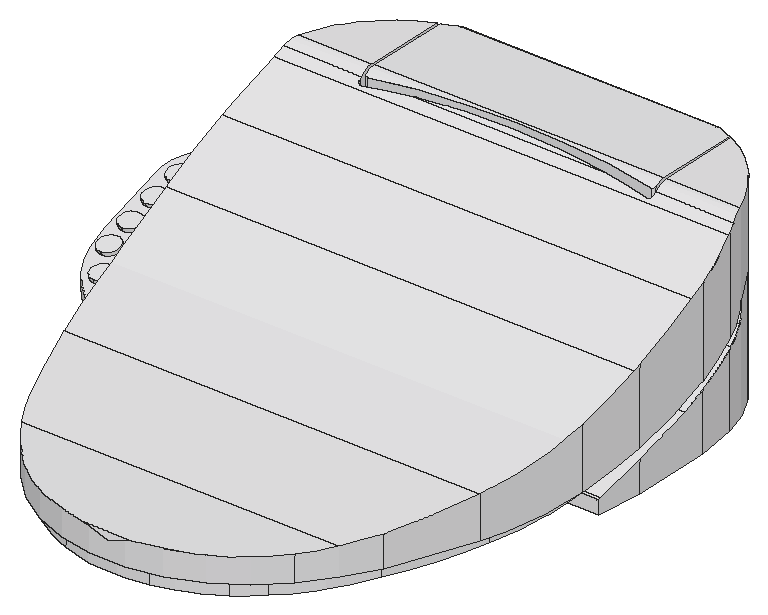
Revit family "Bidet_Seat-Elongated_Closed_Front-Cleansing-KOHLER-C3-330-K-23357T_1", category Plumbing Fixtures, host Face, Revit 2017
Family settings
  Host = Face
  Round Connector Dimension = Use Diameter
  Part Type = Normal
  OmniClass Number = 23.31.19.19.17
  OmniClass Title = Water Closet Seats
  Cut with Voids When Loaded = No
  Shared = No
  Room Calculation Point = No
Parameters (values of type "0-White")
  Width = 17 17/32"  # constant formula
  WaterSense Certified = 1 = 1  # yes
  Waste Water Outlet = "Waste Water Outlet"  # constant formula
  Waste Connection = 1 = 0  # no
  Voltage = 220 V  # constant formula
  Vent Connection = 1 = 0  # no
  URL = "http://www.kohler.com.cn/"
  Type = 1
  Seat Included = 1 = 1  # yes
  Product Page URL = "https://www.kohler.com.cn/product/K-23357T-0/K-23357T-0/"
  Product Name = "C3-330"  # constant formula
  Product Documentation Link = "https://files.kohler.com.cn/pdfs/1559803594104_%E5%B0%BA%E5%AF%B8%E5%9B%BE-C3-300%20%E7%B3%BB%E5%88%97.pdf"
  Pressure = 107.328 psi  # constant formula
  Model = if(Type = 1, "K-23357T-0", if(Type = 2, "K-23357T-HC-0", "NA"))  # "K-23357T-0"
  Material = "Plastic"  # constant formula
  Master Format 2014 Name = "Residential Water Closets"  # constant formula
  Master Format 2014 = "22 41 13.13"  # constant formula
  Manufacturer Address = "Kohler Beijing Office (100016) 36-2-03-B, No. 88, Liuxiang Road, Beijing"  # constant formula
  Manufacturer = "KOHLER Co."  # constant formula
  Length = 20 151/256"  # constant formula
  Hot Water Inlet = "Hot Water Inlet"  # constant formula
  Height = 6 79/256"  # constant formula
  HW Connection = 1 = 0  # no
  Flush Rate- LPF = "LPF"  # constant formula
  Flush Rate- GPF = "GPF"  # constant formula
  Flow Rate = 0 GPM
  Finish = Kohler-Plastic-0-White
  Environmental Product Declaration = ""
  Electrical Note = "One Dedicated Circuit Required "  # constant formula
  Electrical Connector = 1 = 1  # yes
  Description = if(Type = 1, "Qingshubao Smart Toilet Cover", if(Type = 2, "Qingshubao Smart Toilet Cover (Smart Simplified Version)", "NA"))  # "Qingshubao Smart Toilet Cover"
  Default Elevation = 0"
  Declare Label = ""
  Date Modified = "06/29/2021"  # constant formula
  Date Created = "06/29/2021"  # constant formula
  Copyright = "Copyright KOHLER Co."  # constant formula
  Contact Us = "http://www.kohler.com.cn/contact/contact-us/"
  Cold Water Inlet = "Cold Water Inlet"  # constant formula
  CW Connection = 1 = 1  # yes
  Assembly Code = "D2010100"
  Apparent Load = 0 VA
  ADA Compliant = 1 = 0  # no
Reference planes (in)
  plane 1 "Center (Front/Back)": y = 0
  plane 2: z = 0
  plane 3 "Center (Left/Right)": x = 0
  plane 4: through (-7.22853, -3.23407, 48) normal (-0.7547, -0.6561, 0)
  plane 5: x = 7.65748
  plane 6: y = -20.58984
  plane 7: x = -9.87377
  plane 8: x = -7.65748
  plane 9: y = -4.5
  plane 10: y = -3.21454
  plane 11: z = 6.30859
  plane 12: z = 1.55118
Dimensions and locks (in)
  "Length": plane 6 to plane 1 "Center (Front/Back)"
  "Width": plane 7 to plane 5
  plane 8 to plane 5 = 15.31496"
  "Height": level to plane 11
  plane 12 to level = 1.55118"
  aligned and locked: plane 2 to host face
  aligned and locked: level to host face
Automatic sketch dimensions
  host sketch curve to host sketch curve = 96"  (x2)
Nested families (in)
  nested 1: "K-23357T" at (0, 0, 0), type "K-23357T"
  nested 2: "Light Source" at (0.98425, 0.24696, 1.48146) x (0, 1, 0) z (0, 0, 1), type "Light Source"
Connectors (in)
  piping at (-7.14489, -3.20713, 0.09478), diameter 0.5, driven by "CW Connection", driven by "Cold Water Inlet"
    settings: on nested 1, index 1, connector inside diameter 24", connector length 0", flow factor 0, pipe flow 0 GPM, pressure drop 0.00 psi, fitting loss kfactor 0, connector angle 0.00°, fixture units 0, engagement length 0", angle of deflection 0.00°, flow configuration 0, flow direction 1, fitting loss method 0, system type 20, joint type 0, gender type 0, connector reference index -1, connector utility 1, adjustable connector no, is connector primary yes, connector description "Cold Water Inlet"
  electrical at (-7.33021, -3.62811, 0.09478), driven by "Voltage", driven by "Electrical Connector", driven by "Electrical Note"
    settings: on nested 1, index 2, voltage 220 V, apparent load 0 VA, apparent load phase1 0 VA, apparent load phase2 0 VA, apparent load phase3 0 VA, power factor 1, load classification "Other", number of poles 1, system type 30, power factor state 1, is connector primary yes, connector utility yes, sub classification motor no, connector description "One Dedicated Circuit Required "
Definition of nested family "K-23357T"
  Parameters (values of type "K-23357T")
    Material = none
  Reference planes (in)
    plane 1 "Center (Front/Back)": y = 0
    plane 2: z = 0
    plane 3 "Center (Left/Right)": x = 0
    plane 4: x = 7.65748
    plane 5: x = -9.87402
    plane 6: y = -20.59055
    plane 7 "A": through (0, -5.00597, 2.67027) normal (0, -0.2084, 0.978)
    plane 8: z = 6.30709
    plane 9: y = -4.5
    plane 10: z = 1.55118
    plane 11: z = -0.62598
    plane 12 "X": through (-8.63286, -180, 0.62853) normal (0.5736, 0, -0.8192)
    plane 13 "Y": through (-7.39377, -3.67572, 48) normal (-0.9366, 0.3504, 0)
    plane 14: z = 0.21187
    plane 15: y = -3.21454
    plane 16: y = -3.62724
    plane 17: x = -7.65748
  Forms (in)
    Extrusion 1, solid, material <- "Material", detail levels medium+fine
      sketch origin (0, 0, 0) x (1, 0, 0) y (0, 1, 0)
        loop
          arc (-2.632, -0.22623) -> (-3.53382, -0.39472) -> (-4.40891, -0.67022) r 7.63098
          arc (-4.40891, -0.67022) -> (-5.54861, -1.2888) -> (-6.4872, -2.18358) r 4.92186
          arc (-6.4872, -2.18358) -> (-6.65991, -2.40843) -> (-6.8225, -2.64071) r 6.39864
          arc (-6.8225, -2.64071) -> (-7.24394, -3.41598) -> (-7.51871, -4.25452) r 4.87491
          arc (-7.51871, -4.25452) -> (-7.65124, -4.94369) -> (-7.73379, -5.64061) r 9.73724
          arc (-7.73379, -5.64061) -> (-7.79508, -6.94792) -> (-7.76478, -8.25632) r 18.70037
          arc (-7.76478, -8.25632) -> (-7.68749, -9.33825) -> (-7.58173, -10.41777) r 41.18957
          arc (-7.58173, -10.41777) -> (-7.30994, -12.11742) -> (-6.87733, -13.78342) r 18.03144
          arc (-6.87733, -13.78342) -> (-6.40401, -15.14752) -> (-5.84396, -16.47837) r 22.44287
          arc (-5.84396, -16.47837) -> (-5.26454, -17.54141) -> (-4.5453, -18.51531) r 8.8395
          arc (-4.5453, -18.51531) -> (0, -20.61682) -> (4.5453, -18.51531) r 5.96621
          arc (4.5453, -18.51531) -> (5.26454, -17.54141) -> (5.84396, -16.47837) r 8.8395
          arc (5.84396, -16.47837) -> (6.40401, -15.14752) -> (6.87733, -13.78342) r 22.44287
          arc (6.87733, -13.78342) -> (7.30994, -12.11742) -> (7.58173, -10.41777) r 18.03144
          arc (7.58173, -10.41777) -> (7.68749, -9.33825) -> (7.76478, -8.25632) r 41.18957
          arc (7.76478, -8.25632) -> (7.79508, -6.94792) -> (7.73379, -5.64061) r 18.70037
          arc (7.73379, -5.64061) -> (7.65124, -4.94369) -> (7.51871, -4.25452) r 9.73724
          arc (7.51871, -4.25452) -> (7.24394, -3.41598) -> (6.8225, -2.64071) r 4.87491
          arc (6.8225, -2.64071) -> (6.65991, -2.40843) -> (6.4872, -2.18358) r 6.39864
          arc (6.4872, -2.18358) -> (5.54861, -1.2888) -> (4.40891, -0.67022) r 4.92186
          arc (4.40891, -0.67022) -> (3.53382, -0.39472) -> (2.632, -0.22623) r 7.63098
          arc (2.632, -0.22623) -> (0, -0.0621) -> (-2.632, -0.22623) r 21.1856
      from 0 to 6.61994
    Extrusion 2, void
      sketch origin (0, 0, 0) x (0, 1, 0) y (0, 0, 1)
        loop
          line (-20.84085, -0.43611) -> (-9.8497, -0.43611) -> (-9.80406, 0.43476)
          arc (-9.80406, 0.43476) -> (-9.79103, 0.47046) -> (-9.76022, 0.49271) r 0.06479
          line (-9.76022, 0.49271) -> (-6.44053, 1.6219)
          arc (-6.44053, 1.6219) -> (-5.28955, 2.02742) -> (-4.14766, 2.45788) r 56.10147
          arc (-4.14766, 2.45788) -> (-3.847, 2.61454) -> (-3.58733, 2.8325) r 1.55864
          arc (-3.58733, 2.8325) -> (-3.3884, 3.15941) -> (-3.34529, 3.53966) r 0.88919
          line (-3.34529, 3.53966) -> (-3.55687, 3.46265)
          arc (-3.55687, 3.46265) -> (-3.60605, 3.1411) -> (-3.8408, 2.91592) r 0.50604
          arc (-3.8408, 2.91592) -> (-4.76036, 2.50905) -> (-5.69606, 2.14079) r 24.1626
          arc (-5.69606, 2.14079) -> (-7.83095, 1.46218) -> (-10.01952, 0.9842) r 24.1626
          arc (-10.01952, 0.9842) -> (-11.49314, 0.79074) -> (-12.9772, 0.71007) r 19.50147
          line (-12.9772, 0.71007) -> (-20.84085, 0.71007) -> (-20.84085, -0.43611)
        loop
          arc (-20.56292, 1.55813) -> (-19.07066, 1.55957) -> (-17.58075, 1.64339) r 27.01723
          arc (-17.58075, 1.64339) -> (-15.67367, 1.83538) -> (-13.77397, 2.09023) r 58.04729
          arc (-13.77397, 2.09023) -> (-11.05549, 2.70875) -> (-8.45763, 3.7206) r 18.89322
          arc (-8.45763, 3.7206) -> (-7.28636, 4.27326) -> (-6.11029, 4.81562) r 147.59323
          arc (-6.11029, 4.81562) -> (-5.17526, 5.28494) -> (-4.278, 5.82295) r 13.9622
          arc (-4.278, 5.82295) -> (-4.12834, 5.92865) -> (-3.98699, 6.04523) r 2.45477
          arc (-3.98699, 6.04523) -> (-3.78349, 6.17475) -> (-3.54956, 6.23364) r 0.75659
          arc (-3.54956, 6.23364) -> (-2.08684, 6.30288) -> (-0.62319, 6.25725) r 18.66812
          arc (-0.62319, 6.25725) -> (-0.59462, 6.2485) -> (-0.57277, 6.22812) r 0.06646
          line (-0.57277, 6.22812) -> (-0.31159, 5.84091)
          arc (-0.31159, 5.84091) -> (-0.28844, 5.79397) -> (-0.27868, 5.74256) r 0.19403
          line (-0.27868, 5.74256) -> (-0.05158, 1.40926) -> (0.73891, 1.40926) -> (0.73891, 6.84254) -> (-23.07999, 6.84254) -> (-23.07999, 1.11871) -> (-20.66437, 1.11871) -> (-20.56292, 1.55813)
      from -8.14785 to 8.3096
    Extrusion 3, void
      sketch origin (0, 0, 0) x (1, 0, 0) y (0, 1, 0)
        loop
          arc (-4.87511, -4.07413) -> (-4.83868, -4.15386) -> (-4.75456, -4.17852) r 0.10547
          arc (-4.75456, -4.17852) -> (0.00051, -3.83693) -> (4.75557, -4.17866) r 33.25991
          arc (4.75557, -4.17866) -> (4.83898, -4.15422) -> (4.87511, -4.07515) r 0.10459
          line (4.87511, -4.07515) -> (4.87511, 0.63275) -> (4.78652, 0.63275) -> (4.78652, -3.87997)
          arc (4.78652, -3.87997) -> (4.75946, -3.93939) -> (4.69688, -3.95801) r 0.07878
          arc (4.69688, -3.95801) -> (-0.0004, -3.63315) -> (-4.69762, -3.95885) r 34.0782
          arc (-4.69762, -3.95885) -> (-4.75968, -3.9404) -> (-4.78652, -3.88147) r 0.07813
          line (-4.78652, -3.88147) -> (-4.78652, 0.25976) -> (-4.87511, 0.25976) -> (-4.87511, -4.07413)
      from 5.37205 to 6.44426
    Extrusion 4, void
      sketch origin (0, 0, 0) x (1, 0, 0) y (0, 1, 0)
        loop
          arc (-7.2033, -10.07291) -> (-6.92091, -12.18279) -> (-6.39236, -14.24482) r 18.07015
          arc (-6.39236, -14.24482) -> (-5.8106, -15.74397) -> (-5.05266, -17.16222) r 13.33875
          arc (-5.05266, -17.16222) -> (-4.46208, -18.01125) -> (-3.77931, -18.78808) r 9.13408
          arc (-3.77931, -18.78808) -> (-2.86069, -19.53142) -> (-1.79908, -20.05048) r 5.24994
          arc (-1.79908, -20.05048) -> (-0.34212, -20.35348) -> (1.1425, -20.25118) r 5.45121
          arc (1.1425, -20.25118) -> (2.1615, -19.9152) -> (3.07958, -19.35988) r 4.76797
          arc (3.07958, -19.35988) -> (3.46738, -19.04439) -> (3.83811, -18.70902) r 9.54086
          arc (3.83811, -18.70902) -> (4.83593, -17.55699) -> (5.59702, -16.23654) r 7.99552
          arc (5.59702, -16.23654) -> (6.21051, -14.7267) -> (6.6968, -13.17121) r 19.65254
          arc (6.6968, -13.17121) -> (7.07365, -11.36561) -> (7.24722, -9.52929) r 16.54795
          arc (7.24722, -9.52929) -> (-0.27136, -2.00411) -> (-7.2033, -10.07291) r 7.25135
        loop
          arc (-2.14897, -7.20126) -> (-3.60117, -8.21444) -> (-4.13469, -9.90286) r 2.75
          arc (-4.13469, -9.90286) -> (-4.08296, -11.08802) -> (-3.97937, -12.26979) r 27.08675
          arc (-3.97937, -12.26979) -> (-3.73309, -13.60798) -> (-3.29556, -14.89638) r 9.36872
          arc (-3.29556, -14.89638) -> (-2.85833, -15.84611) -> (-2.36238, -16.76654) r 16.65657
          arc (-2.36238, -16.76654) -> (-1.75797, -17.55006) -> (-0.97071, -18.1496) r 3.775
          arc (-0.97071, -18.1496) -> (0, -18.40752) -> (0.97071, -18.1496) r 1.95566
          arc (0.97071, -18.1496) -> (1.75797, -17.55006) -> (2.36238, -16.76654) r 3.775
          arc (2.36238, -16.76654) -> (2.85833, -15.84611) -> (3.29556, -14.89638) r 16.65657
          arc (3.29556, -14.89638) -> (3.73309, -13.60798) -> (3.97937, -12.26979) r 9.36872
          arc (3.97937, -12.26979) -> (4.07935, -11.14217) -> (4.13212, -10.01136) r 27.08675
          arc (4.13212, -10.01136) -> (3.58078, -8.25134) -> (2.06759, -7.19688) r 2.85162
          arc (2.06759, -7.19688) -> (-0.041, -6.9016) -> (-2.14897, -7.20126) r 7.6198
        loop
          line (7.88545, -1.72211) -> (-7.86455, -1.72211) -> (-7.86455, -20.72211) -> (7.88545, -20.72211) -> (7.88545, -1.72211)
      from 0 to 3.64586
    Extrusion 5, solid, material <- "Material", detail levels medium+fine
      sketch origin (0, 0, 0) x (0, 1, 0) y (0, 0, 1)
        loop
          line (-20.51397, 0.77756) -> (-20.51397, 0.21344)
          arc (-20.51397, 0.21344) -> (-20.14542, 0.22025) -> (-19.77688, 0.21344) r 9.98024
          arc (-19.77688, 0.21344) -> (-18.77625, 0.19456) -> (-17.7756, 0.21186) r 27.6897
          arc (-17.7756, 0.21186) -> (-16.25723, 0.25294) -> (-14.73839, 0.26881) r 91.47885
          arc (-14.73839, 0.26881) -> (-12.96562, 0.31109) -> (-11.19635, 0.43023) r 40.86817
          arc (-11.19635, 0.43023) -> (-8.76163, 0.8143) -> (-6.40079, 1.52267) r 18.26561
          arc (-6.40079, 1.52267) -> (-5.435, 1.84076) -> (-4.44647, 2.07897) r 12.44782
          arc (-4.44647, 2.07897) -> (-3.45608, 2.52405) -> (-2.7608, 3.35804) r 2.41493
          arc (-2.7608, 3.35804) -> (-8.63047, 1.63787) -> (-14.69996, 0.88055) r 38.04465
          arc (-14.69996, 0.88055) -> (-17.05802, 0.80331) -> (-19.4172, 0.77756) r 108.08152
          line (-19.4172, 0.77756) -> (-20.51397, 0.77756)
      from -7.66751 to 7.66359
    Extrusion 6, solid, material <- "Material", detail levels medium+fine
      sketch origin (0, 0, 0) x (1, 0, 0) y (0, 1, 0)
        loop
          line (-6.1404, -11.70853) -> (-4.79013, -12.14777)
          arc (-4.79013, -12.14777) -> (-4.40059, -11.94946) -> (-4.5989, -11.55991) r 0.30909
          line (-4.5989, -11.55991) -> (-5.94917, -11.12067)
          arc (-5.94917, -11.12067) -> (-6.33872, -11.31899) -> (-6.1404, -11.70853) r 0.30909
        loop
          line (-3.24959, -16.79924) -> (-3.87702, -17.48399)
          arc (-3.87702, -17.48399) -> (-3.85791, -17.92163) -> (-3.42028, -17.90251) r 0.30975
          line (-3.42028, -17.90251) -> (-2.79284, -17.21776)
          arc (-2.79284, -17.21776) -> (-2.81196, -16.78013) -> (-3.24959, -16.79924) r 0.30975
        loop
          arc (6.1404, -11.70853) -> (6.33872, -11.31899) -> (5.94917, -11.12067) r 0.30909
          line (5.94917, -11.12067) -> (4.5989, -11.55991)
          arc (4.5989, -11.55991) -> (4.40059, -11.94946) -> (4.79013, -12.14777) r 0.30909
          line (4.79013, -12.14777) -> (6.1404, -11.70853)
        loop
          arc (3.24959, -16.79924) -> (2.81196, -16.78013) -> (2.79284, -17.21776) r 0.30975
          line (2.79284, -17.21776) -> (3.42028, -17.90251)
          arc (3.42028, -17.90251) -> (3.85791, -17.92163) -> (3.87702, -17.48399) r 0.30975
          line (3.87702, -17.48399) -> (3.24959, -16.79924)
      from 0 to 0.89755
    Extrusion 7, solid, material <- "Material", detail levels medium+fine
      sketch origin (0, 0, 0) x (0, 1, 0) y (0, 0, 1)
        loop
          line (-3.60482, 4.14958) -> (-4.2264, 3.79071) -> (-4.2264, 3.67632) -> (-3.60482, 3.67632) -> (-3.60482, 4.14958)
      from -5.05061 to 5.12502
    Extrusion 8, solid, material <- "Material", detail levels coarse
      sketch origin (0, 0, 0) x (1, 0, 0) y (0, 1, 0)
        loop
          arc (6.4872, -2.0905) -> (5.54861, -1.19572) -> (4.40891, -0.57714) r 4.92186
          arc (4.40891, -0.57714) -> (3.53382, -0.30164) -> (2.632, -0.13314) r 7.63098
          arc (2.632, -0.13314) -> (0, 0.03098) -> (-2.632, -0.13314) r 21.1856
          arc (-2.632, -0.13314) -> (-3.53382, -0.30164) -> (-4.40891, -0.57714) r 7.63098
          arc (-4.40891, -0.57714) -> (-5.54861, -1.19572) -> (-6.4872, -2.0905) r 4.92186
          arc (-6.4872, -2.0905) -> (-6.65991, -2.31535) -> (-6.8225, -2.54763) r 6.39864
          arc (-6.8225, -2.54763) -> (-7.24394, -3.3229) -> (-7.51871, -4.16144) r 4.87491
          arc (-7.51871, -4.16144) -> (-7.65124, -4.85061) -> (-7.73379, -5.54753) r 9.73724
          arc (-7.73379, -5.54753) -> (-7.79508, -6.85484) -> (-7.76478, -8.16323) r 18.70037
          arc (-7.76478, -8.16323) -> (-7.68749, -9.24517) -> (-7.58173, -10.32469) r 41.18957
          arc (-7.58173, -10.32469) -> (-7.30994, -12.02434) -> (-6.87733, -13.69033) r 18.03144
          arc (-6.87733, -13.69033) -> (-6.40401, -15.05444) -> (-5.84396, -16.38529) r 22.44287
          arc (-5.84396, -16.38529) -> (-5.03379, -17.79221) -> (-3.97998, -19.02723) r 8.8395
          arc (-3.97998, -19.02723) -> (0, -20.64567) -> (3.97998, -19.02723) r 5.7029
          arc (3.97998, -19.02723) -> (5.03379, -17.79221) -> (5.84396, -16.38529) r 8.8395
          arc (5.84396, -16.38529) -> (6.40401, -15.05444) -> (6.87733, -13.69033) r 22.44287
          arc (6.87733, -13.69033) -> (7.30994, -12.02434) -> (7.58173, -10.32469) r 18.03144
          arc (7.58173, -10.32469) -> (7.68749, -9.24517) -> (7.76478, -8.16323) r 41.18957
          arc (7.76478, -8.16323) -> (7.79508, -6.85484) -> (7.73379, -5.54753) r 18.70037
          arc (7.73379, -5.54753) -> (7.65124, -4.85061) -> (7.51871, -4.16144) r 9.73724
          arc (7.51871, -4.16144) -> (7.24394, -3.3229) -> (6.8225, -2.54763) r 4.87491
          arc (6.8225, -2.54763) -> (6.65991, -2.31535) -> (6.4872, -2.0905) r 6.39864
      from 0 to 6.44426
    Extrusion 9, void
      sketch origin (-5.27952, 1.97527, 0) x (-0.350416, -0.936594, 0) y (0, 0, 1)
        loop
          line (8.13266, -0.18183) -> (9.0431, -0.18183) -> (9.0431, 0.68439)
          arc (9.0431, 0.68439) -> (8.58788, 1.13961) -> (8.13266, 0.68439) r 0.45522
          line (8.13266, 0.68439) -> (8.13266, -0.18183)
      from 0.1714 to -1.11507
    Extrusion 10, void
      sketch origin (0, 0, 0) x (0, 1, 0) y (0, 0, 1)
        loop
          line (-1.40685, 5.83219) -> (-1.40685, 5.5992)
          arc (-1.40685, 5.5992) -> (-1.4263, 5.24936) -> (-1.48443, 4.90384) r 3.15513
          arc (-1.48443, 4.90384) -> (-1.76733, 4.33714) -> (-2.28056, 3.96596) r 1.32792
          line (-2.28056, 3.96596) -> (-3.41628, 3.53) -> (-3.34228, 3.51695) -> (-1.71282, 4.19624)
          arc (-1.71282, 4.19624) -> (-1.53118, 4.3224) -> (-1.37198, 4.47591) r 1.38258
          arc (-1.37198, 4.47591) -> (-1.3219, 4.56364) -> (-1.31089, 4.66407) r 0.24838
          line (-1.31089, 4.66407) -> (-1.37227, 5.83525) -> (-1.62325, 6.20734) -> (-1.65989, 6.20734) -> (-1.40685, 5.83219)
      from -9.84252 to 9.84252
    Extrusion 11, solid, material <- "Material", detail levels medium+fine
      sketch origin (0, 0, 0) x (0, 1, 0) y (0, 0, 1)
        loop
          line (-11.87895, 1.27729) -> (-11.87895, 0.93336) -> (-3.72538, 2.81576) -> (-3.72538, 3.15969) -> (-11.87895, 1.27729)
      from -9.84252 to -6.7832
    Extrusion 12, void
      sketch origin (0, 0, 0) x (1, 0, 0) y (0, 1, 0)
        loop
          arc (-6.94154, -3.70016) -> (-6.90136, -3.59947) -> (-6.98766, -3.53385) r 0.08955
          line (-6.98766, -3.53385) -> (-10.32746, -3.53385) -> (-10.32746, -12.19527) -> (-6.78415, -12.19527) -> (-6.78415, -11.99842)
          arc (-6.78415, -11.99842) -> (-7.53517, -11.61814) -> (-8.25325, -11.1788) r 10.47845
          arc (-8.25325, -11.1788) -> (-8.98909, -10.4627) -> (-9.42075, -9.53107) r 2.82798
          arc (-9.42075, -9.53107) -> (-9.51015, -9.1123) -> (-9.56493, -8.68762) r 5.22103
          line (-9.56493, -8.68762) -> (-9.76562, -6.39379)
          arc (-9.76562, -6.39379) -> (-9.63771, -5.66756) -> (-9.16404, -5.10241) r 1.42556
          arc (-9.16404, -5.10241) -> (-8.49104, -4.64791) -> (-7.80244, -4.21744) r 23.0155
          line (-7.80244, -4.21744) -> (-6.94154, -3.70016)
      from 0.89755 to 3.21495
    Extrusion 13, solid, material <- "Material", detail levels medium+fine
      sketch origin (0, -5.01358, 2.71838) x (0, 0.974263, 0.225413) y (-1, 0, 0)
        loop
          circle (-0.22868, 8.20952) r 0.35433
        loop
          circle (-1.21293, 8.20952) r 0.35433
        loop
          circle (-2.2956, 8.20952) r 0.35433
        loop
          circle (-3.37828, 8.16031) r 0.35433
        loop
          circle (-4.41175, 8.1111) r 0.35433
        loop
          circle (-1.19607, 9.13151) r 0.35433
        loop
          circle (-2.22954, 9.13151) r 0.35433
        loop
          circle (-3.31222, 9.0823) r 0.35433
        loop
          circle (-4.34568, 8.98388) r 0.35433
        loop
          circle (-5.34217, 8.44254) r 0.35433
      from 0.08949 to 0.23553
    Extrusion 14, void
      sketch origin (0, 0, 0) x (0, 1, 0) y (0, 0, 1)
        loop
          line (-21.16757, 1.75853) -> (-18.80536, 1.75853)
          arc (-18.80536, 1.75853) -> (-14.65529, 2.03559) -> (-10.57888, 2.86185) r 31.2203
          arc (-10.57888, 2.86185) -> (-7.24378, 4.13249) -> (-4.21758, 6.02445) r 18.35676
          arc (-4.21758, 6.02445) -> (-3.7643, 6.26744) -> (-3.2569, 6.35142) r 1.5748
          line (-3.2569, 6.35142) -> (0.21916, 6.35142) -> (0.21916, 7.72938) -> (-21.16757, 7.72938) -> (-21.16757, 1.75853)
      from -9.84252 to 9.84252
    Extrusion 15, solid, material <- "Material", detail levels coarse
      sketch origin (0, 0, 0) x (0, 1, 0) y (0, 0, 1)
        loop
          line (-11.65756, 0.93526) -> (-3.99765, 2.70369) -> (-3.99765, 3.18643) -> (-11.65756, 1.418) -> (-11.65756, 0.93526)
      from -10.32746 to -6.7832
    Extrusion 16, solid, detail levels medium+fine
      sketch origin (0, 0, 0) x (1, 0, 0) y (0, 1, 0)
        loop
          line (-7.11577, -3.14391) -> (-7.17401, -3.27035) -> (-7.12999, -3.27035) -> (-7.08269, -3.14391) -> (-7.11577, -3.14391)
        loop
          line (-7.31124, -3.57739) -> (-7.34919, -3.67883) -> (-7.31415, -3.67883) -> (-7.2762, -3.57739) -> (-7.31124, -3.57739)
      from 0 to 0.18956
  Cuts and joins
    Extrusion 2, Extrusion 3, Extrusion 9, Extrusion 10 cuts Extrusion 1
    Extrusion 3, Extrusion 10 cuts Extrusion 7
    joined: Extrusion 1, Extrusion 7
    Extrusion 4 cuts Extrusion 5
    joined: Extrusion 5, Extrusion 6
    Extrusion 3, Extrusion 10, Extrusion 14 cuts Extrusion 8
    Extrusion 12 cuts Extrusion 11
    Extrusion 12 cuts Extrusion 15
  Lines and regions (in)
    Masking region 1
      outline origin (0, 0, 0) x (1, 0, 0) y (0, 1, 0)
        loop
          arc (5.84396, -16.41627) -> (6.40401, -15.08542) -> (6.87733, -13.72132) r 22.44287
          arc (6.87733, -13.72132) -> (7.10078, -12.94229) -> (7.289, -12.154) r 18.03144
          arc (7.289, -12.154) -> (7.69522, -7.8945) -> (7.289, -3.63501) r 22.53511
          arc (7.289, -3.63501) -> (6.89021, -2.93777) -> (6.42368, -2.28393) r 8.0192
          arc (6.42368, -2.28393) -> (5.17544, -1.15239) -> (3.62848, -0.48499) r 5.14258
          arc (3.62848, -0.48499) -> (2.42799, -0.23175) -> (1.21277, -0.06273) r 17.60622
          arc (1.21277, -0.06273) -> (0.6072, -0.01569) -> (0, 0) r 11.75539
          arc (0, 0) -> (-1.52656, -0.04923) -> (-3.04678, -0.1967) r 23.6943
          arc (-3.04678, -0.1967) -> (-4.36071, -0.53841) -> (-5.54861, -1.19572) r 5.42374
          arc (-5.54861, -1.19572) -> (-6.24218, -1.81832) -> (-6.8225, -2.54763) r 5.58235
          arc (-6.8225, -2.54763) -> (-6.9747, -2.79086) -> (-7.11232, -3.04262) r 4.87491
          arc (-7.11232, -3.04262) -> (-7.26597, -3.37479) -> (-7.39427, -3.71755) r 4.87491
          arc (-7.39427, -3.71755) -> (-7.44321, -3.87362) -> (-7.48688, -4.03124) r 4.87491
          arc (-7.48688, -4.03124) -> (-8.35998, -4.56336) -> (-9.20857, -5.13373) r 23.0155
          arc (-9.20857, -5.13373) -> (-9.7593, -5.82578) -> (-9.85014, -6.70555) r 1.5748
          arc (-9.85014, -6.70555) -> (-9.68345, -7.72868) -> (-9.55833, -8.75771) r 25.59687
          arc (-9.55833, -8.75771) -> (-9.5041, -9.14698) -> (-9.42075, -9.53107) r 5.22103
          arc (-9.42075, -9.53107) -> (-8.98909, -10.4627) -> (-8.25325, -11.1788) r 2.82798
          arc (-8.25325, -11.1788) -> (-7.83625, -11.44355) -> (-7.40724, -11.68835) r 10.47845
          arc (-7.40724, -11.68835) -> (-6.75713, -14.0958) -> (-5.84396, -16.41627) r 22.44287
          arc (-5.84396, -16.41627) -> (-5.01203, -17.85391) -> (-3.92584, -19.11053) r 8.8395
          arc (-3.92584, -19.11053) -> (-2.10766, -20.24824) -> (0, -20.64567) r 5.78736
          arc (0, -20.64567) -> (2.10766, -20.24824) -> (3.92584, -19.11053) r 5.78736
          arc (3.92584, -19.11053) -> (5.01203, -17.85391) -> (5.84396, -16.41627) r 8.8395
    Masking region 2
      outline origin (0, 0, 0) x (0, 1, 0) y (0, 0, 1)
        loop
          line (0.00921, 0) -> (-0.29386, 5.78302)
          arc (-0.29386, 5.78302) -> (-0.30158, 5.82363) -> (-0.31986, 5.86071) r 0.15329
          line (-0.31986, 5.86071) -> (-0.56636, 6.22617)
          arc (-0.56636, 6.22617) -> (-0.58829, 6.24659) -> (-0.61695, 6.25531) r 0.06645
          arc (-0.61695, 6.25531) -> (-1.94364, 6.30189) -> (-3.27053, 6.26156) r 20.27786
          arc (-3.27053, 6.26156) -> (-3.91586, 6.1263) -> (-4.49651, 5.81391) r 2.3055
          arc (-4.49651, 5.81391) -> (-7.40062, 4.05544) -> (-10.57888, 2.86185) r 18.35676
          arc (-10.57888, 2.86185) -> (-13.90258, 2.10976) -> (-17.27962, 1.65343) r 38.63889
          arc (-17.27962, 1.65343) -> (-18.80545, 1.55596) -> (-20.33431, 1.53917) r 28.95279
          line (-20.33431, 1.53917) -> (-20.47598, 1.43992) -> (-20.59291, 1.13531) -> (-20.59291, 0.75877) -> (-20.39606, 0.75877) -> (-20.39606, 0.14764) -> (-18.23071, 0.14764) -> (-18.08307, 0) -> (-16.75142, 0) -> (-16.60379, 0.14764) -> (-12.6311, 0.14764) -> (-12.48346, 0) -> (-11.10551, 0) -> (-11.10551, 0.47851) -> (-6.44053, 1.6219) -> (-9.75579, 0.49422)
          arc (-9.75579, 0.49422) -> (-9.79528, 0.4649) -> (-9.81032, 0.41807) r 0.08043
          line (-9.81032, 0.41807) -> (-9.81032, 0) -> (0.00921, 0)
    Masking region 3
      outline origin (0, 0, 0) x (1, 0, 0) y (0, 0, 1)
        loop
          line (-7.65748, 0) -> (0.55118, 0) -> (7.65748, 0)
          arc (7.65748, 0) -> (7.67243, 0.56772) -> (7.71123, 1.13431) r 13.50771
          arc (7.71123, 1.13431) -> (7.76879, 2.05883) -> (7.77596, 2.98511) r 17.01834
          arc (7.77596, 2.98511) -> (7.75224, 3.71358) -> (7.70951, 4.44119) r 27.89946
          arc (7.70951, 4.44119) -> (7.57404, 5.04298) -> (7.26712, 5.57805) r 2.0682
          arc (7.26712, 5.57805) -> (6.82077, 5.97319) -> (6.24929, 6.14283) r 1.37795
          line (6.24929, 6.14283) -> (4.87511, 6.2399) -> (4.87511, 5.7545) -> (4.78652, 5.7545) -> (4.78652, 6.24474)
          arc (4.78652, 6.24474) -> (4.46021, 6.25893) -> (4.13379, 6.27013) r 35.67309
          arc (4.13379, 6.27013) -> (2.06698, 6.29785) -> (0, 6.30709) r 231.22554
          arc (0, 6.30709) -> (-1.56717, 6.30178) -> (-3.13427, 6.28584) r 231.22554
          arc (-3.13427, 6.28584) -> (-3.96063, 6.27486) -> (-4.78652, 6.24474) r 35.67309
          line (-4.78652, 6.24474) -> (-4.78652, 5.7545) -> (-4.87511, 5.7545) -> (-4.87511, 6.2399) -> (-5.5956, 6.18951)
          arc (-5.5956, 6.18951) -> (-6.16543, 6.12142) -> (-6.72584, 5.99777) r 5.84446
          arc (-6.72584, 5.99777) -> (-7.1704, 5.73651) -> (-7.42186, 5.28632) r 0.98425
          arc (-7.42186, 5.28632) -> (-7.50757, 4.91523) -> (-7.58035, 4.5414) r 10.97426
          arc (-7.58035, 4.5414) -> (-7.65958, 3.80705) -> (-7.63931, 3.06872) r 5.47842
          line (-7.63931, 3.06872) -> (-7.80244, 3.04609)
          arc (-7.80244, 3.04609) -> (-8.4838, 2.94772) -> (-9.16404, 2.84178) r 62.01536
          arc (-9.16404, 2.84178) -> (-9.38612, 2.80552) -> (-9.60807, 2.76845) r 62.01536
          arc (-9.60807, 2.76845) -> (-9.78527, 2.67318) -> (-9.86832, 2.48992) r 0.31411
          arc (-9.86832, 2.48992) -> (-9.87217, 2.44114) -> (-9.87402, 2.39225) r 1.18728
          arc (-9.87402, 2.39225) -> (-9.87294, 2.35053) -> (-9.86831, 2.30906) r 0.48798
          arc (-9.86831, 2.30906) -> (-9.85672, 2.25363) -> (-9.83944, 2.19971) r 0.54421
          line (-9.83944, 2.19971) -> (-9.64524, 1.68726)
          arc (-9.64524, 1.68726) -> (-9.63716, 1.67063) -> (-9.62621, 1.65573) r 0.10247
          arc (-9.62621, 1.65573) -> (-9.42209, 1.47002) -> (-9.18266, 1.33282) r 1.26915
          spline (-9.18266, 1.33282) -> (-9.12721, 1.30978) -> (-9.06769, 1.28725) -> (-9.0042, 1.26528) -> (-8.93684, 1.2439) -> (-8.86572, 1.22315) -> (-8.79095, 1.20305) -> (-8.71266, 1.18365) -> (-8.63097, 1.16496) -> (-8.54602, 1.14704) -> (-8.45793, 1.12989) -> (-8.36685, 1.11355) -> (-8.27293, 1.09805)
          spline (-8.27293, 1.09805) -> (-8.22271, 1.09031) -> (-8.1723, 1.08263) -> (-8.12168, 1.07502) -> (-8.07087, 1.06748) -> (-8.01986, 1.06001) -> (-7.96865, 1.0526) -> (-7.91726, 1.04526) -> (-7.86568, 1.03799) -> (-7.81391, 1.03078) -> (-7.76195, 1.02364) -> (-7.70981, 1.01658) -> (-7.65748, 1.00958)
          line (-7.65748, 1.00958) -> (-7.65748, 0)
    symbolic lines, detail levels medium+fine
      curve 1: arc (0.00025, -20.20751, 0) -> (1.25292, -20.13298, 0) -> (2.42851, -19.69399, 0) r 4.22738
      curve 2: arc (-2.4425, -19.6939, 0) -> (-1.25944, -20.13294, 0) -> (0.00025, -20.20751, 0) r 4.27571
      curve 3: line (-5.01762, -16.97037, 0) -> (-2.4425, -19.6939, 0)
      curve 4: line (-6.82699, -12.12456, 0) -> (-5.01762, -16.97037, 0)
      curve 5: spline (-7.22223, -8.63988, 0) -> (-7.22394, -8.92533, 0) -> (-7.21929, -9.21246, 0) -> (-7.2083, -9.50103, 0) -> (-7.19097, -9.7908, 0) -> (-7.16732, -10.08156, 0) -> (-7.13737, -10.37306, 0) -> (-7.10114, -10.66507, 0) -> (-7.05866, -10.95736, 0) -> (-7.00996, -11.24969, 0) -> (-6.95508, -11.54182, 0) -> (-6.89408, -11.83352, 0) -> (-6.82699, -12.12456, 0)
      curve 6: spline (-7.05229, -6.77167, 0) -> (-7.07644, -6.92403, 0) -> (-7.09879, -7.07707, 0) -> (-7.11933, -7.23078, 0) -> (-7.13806, -7.38513, 0) -> (-7.15496, -7.5401, 0) -> (-7.17005, -7.69565, 0) -> (-7.18331, -7.85177, 0) -> (-7.19475, -8.00842, 0) -> (-7.20437, -8.16558, 0) -> (-7.21215, -8.32323, 0) -> (-7.21811, -8.48134, 0) -> (-7.22223, -8.63988, 0)
      curve 7: line (2.42851, -19.69399, 0) -> (4.97741, -16.97037, 0)
      curve 8: line (4.97741, -16.97037, 0) -> (6.76316, -12.12442, 0)
      curve 9: spline (6.76316, -12.12442, 0) -> (6.83123, -11.82379, 0) -> (6.89313, -11.52255, 0) -> (6.9488, -11.22095, 0) -> (6.99821, -10.91923, 0) -> (7.04131, -10.61765, 0) -> (7.07807, -10.31645, 0) -> (7.10845, -10.01589, 0) -> (7.13243, -9.71621, 0) -> (7.15, -9.41767, 0) -> (7.16113, -9.1205, 0) -> (7.16581, -8.82495, 0) -> (7.16405, -8.53127, 0)
      curve 10: spline (7.16405, -8.53127, 0) -> (7.1599, -8.38059, 0) -> (7.15414, -8.23031, 0) -> (7.14676, -8.08045, 0) -> (7.13778, -7.93104, 0) -> (7.12719, -7.78211, 0) -> (7.11499, -7.63366, 0) -> (7.10119, -7.48573, 0) -> (7.08578, -7.33833, 0) -> (7.06878, -7.19149, 0) -> (7.05017, -7.04522, 0) -> (7.02997, -6.89956, 0) -> (7.00818, -6.75452, 0)
      curve 11: line (6.82933, -5.76239, 0) -> (4.87511, -1.5116, 0)
      curve 12: line (4.78652, -1.47011, 0) -> (0, -0.60812, 0)
      curve 13: line (0, -0.60812, 0) -> (-4.78652, -1.46608, 0)
      curve 14: line (-4.87511, -1.51203, 0) -> (-6.8602, -5.76239, 0)
      curve 15: line (-6.8602, -5.76239, 0) -> (-7.05229, -6.77167, 0)
      curve 16: line (6.82933, -5.76239, 0) -> (7.00818, -6.75452, 0)
      curve 17: arc (4.67265, -3.95464, 0) -> (0.00333, -3.63315, 0) -> (-4.66601, -3.95446, 0) r 34.0782
      curve 18: arc (-4.72635, -4.17446, 0) -> (0.00566, -3.83693, 0) -> (4.73755, -4.17607, 0) r 33.25991
      curve 19: line (-4.87511, -0.78364, 0) -> (-4.87511, -1.51203, 0)
      curve 20: line (-4.78652, -3.84947, 0) -> (-4.78652, -0.73988, 0)
      curve 21: line (4.78652, -0.92557, 0) -> (4.78652, -3.85544, 0)
      curve 22: line (4.87511, -4.05689, 0) -> (4.87511, -1.5116, 0)
      curve 23: arc (-4.87511, -4.04552, 0) -> (-4.83016, -4.14395, 0) -> (-4.72635, -4.17446, 0) r 0.13025
      curve 24: arc (-4.66601, -3.95446, 0) -> (-4.75015, -3.92939, 0) -> (-4.78652, -3.84947, 0) r 0.10599
      curve 25: arc (4.73755, -4.17607, 0) -> (4.83355, -4.14789, 0) -> (4.87511, -4.05689, 0) r 0.12041
      curve 26: arc (4.78652, -3.85544, 0) -> (4.75215, -3.93095, 0) -> (4.67265, -3.95464, 0) r 0.10014
      curve 27: spline (7.57645, 0, 1.27687) -> (7.54268, 0, 1.22149) -> (7.50449, 0, 1.17036) -> (7.4619, 0, 1.1235) -> (7.41494, 0, 1.08094) -> (7.36362, 0, 1.04269) -> (7.30796, 0, 1.00878) -> (7.248, 0, 0.97921) -> (7.18376, 0, 0.954) -> (7.11528, 0, 0.93317) -> (7.04257, 0, 0.91672) -> (6.96569, 0, 0.90467) -> (6.88466, 0, 0.89701)
      curve 28: spline (6.88466, 0, 0.89701) -> (6.81138, 0, 0.89135) -> (6.73562, 0, 0.88595) -> (6.6574, 0, 0.88082) -> (6.57671, 0, 0.87595) -> (6.49358, 0, 0.87135) -> (6.408, 0, 0.86701) -> (6.31999, 0, 0.86294) -> (6.22956, 0, 0.85913) -> (6.13672, 0, 0.85559) -> (6.04148, 0, 0.85231) -> (5.94386, 0, 0.8493) -> (5.84385, 0, 0.84656)
      curve 29: arc (5.84385, 0, 0.84656) -> (-0.00044, 0, 0.78436) -> (-5.84394, 0, 0.89897) r 193.19135
      curve 30: line (-4.78652, 0, 5.82076) -> (4.78652, 0, 5.82076)
      curve 31: line (-4.87511, 0, 5.7545) -> (4.87511, 0, 5.7545)
      curve 32: arc (-7.0522, 0, 0.8063) -> (-1.31702, 0, 0.61864) -> (4.42081, 0, 0.68824) r 127.99362
      curve 33: line (-6.60145, 0, 0.2728) -> (6.60145, 0, 0.2728)
      curve 34: line (-6.35388, 0, 0.0645) -> (-6.35388, 0, 0.2728)
      curve 35: line (-4.38543, 0, 0.06299) -> (-4.38543, 0, 0.2728)
      curve 36: line (6.35388, 0, 0.06299) -> (6.35388, 0, 0.2728)
      curve 37: line (4.38543, 0, 0.06299) -> (4.38543, 0, 0.2728)
      curve 38: line (3.9584, 0, 0.06299) -> (3.9584, 0, 0.2728)
      curve 39: line (2.71147, 0, 0.06299) -> (2.71147, 0, 0.2728)
      curve 40: line (-2.71147, 0, 0.06299) -> (-2.71147, 0, 0.2728)
      curve 41: line (-3.9584, 0, 0.06299) -> (-3.9584, 0, 0.2728)
      curve 42: arc (-6.28938, 0, 0) -> (-6.33499, 0, 0.01889) -> (-6.35388, 0, 0.0645) r 0.0645
      curve 43: arc (-4.44842, 0, 0) -> (-4.40388, 0, 0.01845) -> (-4.38543, 0, 0.06299) r 0.06299
      curve 44: arc (-3.8954, 0, 0) -> (-3.93995, 0, 0.01845) -> (-3.9584, 0, 0.06299) r 0.06299
      curve 45: arc (-2.77446, 0, 0) -> (-2.72992, 0, 0.01845) -> (-2.71147, 0, 0.06299) r 0.06299
      curve 46: arc (2.77446, 0, 0) -> (2.72992, 0, 0.01845) -> (2.71147, 0, 0.06299) r 0.06299
      curve 47: arc (3.8954, 0, 0) -> (3.93995, 0, 0.01845) -> (3.9584, 0, 0.06299) r 0.06299
      curve 48: arc (4.44842, 0, 0) -> (4.40388, 0, 0.01845) -> (4.38543, 0, 0.06299) r 0.06299
      curve 49: arc (6.29089, 0, 0) -> (6.33543, 0, 0.01845) -> (6.35388, 0, 0.06299) r 0.06299
      curve 50: arc (-7.65296, -7.02104, 0) -> (-7.67845, -7.98692, 0) -> (-7.65748, -8.95292, 0) r 20.09854
      curve 51: arc (-7.65748, -8.95292, 0) -> (-7.56347, -10.32348, 0) -> (-7.40724, -11.68835, 0) r 30.20452
      curve 52: line (-4.87511, -1.51203, 0) -> (-4.87511, -4.04552, 0)
      curve 53: line (4.87511, -1.5116, 0) -> (4.87511, -0.97337, 0)
      curve 54: spline (-8.20952, -4.90172, 0) -> (-8.11782, -4.91353, 0) -> (-8.03236, -4.94815, 0) -> (-7.95897, -5.00323, 0) -> (-7.90266, -5.075, 0) -> (-7.86727, -5.15858, 0) -> (-7.85519, -5.24828, 0) -> (-7.86727, -5.33797, 0) -> (-7.90266, -5.42155, 0) -> (-7.95897, -5.49333, 0) -> (-8.03236, -5.5484, 0) -> (-8.11782, -5.58302, 0) -> (-8.20952, -5.59483, 0)
      curve 55: spline (-8.20952, -5.59483, 0) -> (-8.30123, -5.58302, 0) -> (-8.38669, -5.5484, 0) -> (-8.46007, -5.49333, 0) -> (-8.51638, -5.42155, 0) -> (-8.55178, -5.33797, 0) -> (-8.56385, -5.24828, 0) -> (-8.55178, -5.15858, 0) -> (-8.51638, -5.075, 0) -> (-8.46007, -5.00323, 0) -> (-8.38669, -4.94815, 0) -> (-8.30123, -4.91353, 0) -> (-8.20952, -4.90172, 0)
      curve 56: spline (-8.20952, -5.86437, 0) -> (-8.11782, -5.87618, 0) -> (-8.03236, -5.9108, 0) -> (-7.95897, -5.96587, 0) -> (-7.90266, -6.03765, 0) -> (-7.86727, -6.12123, 0) -> (-7.85519, -6.21092, 0) -> (-7.86727, -6.30062, 0) -> (-7.90266, -6.3842, 0) -> (-7.95897, -6.45597, 0) -> (-8.03236, -6.51105, 0) -> (-8.11782, -6.54567, 0) -> (-8.20952, -6.55748, 0)
      curve 57: spline (-8.20952, -6.55748, 0) -> (-8.30123, -6.54567, 0) -> (-8.38669, -6.51105, 0) -> (-8.46007, -6.45597, 0) -> (-8.51638, -6.3842, 0) -> (-8.55178, -6.30062, 0) -> (-8.56385, -6.21092, 0) -> (-8.55178, -6.12123, 0) -> (-8.51638, -6.03765, 0) -> (-8.46007, -5.96587, 0) -> (-8.38669, -5.9108, 0) -> (-8.30123, -5.87618, 0) -> (-8.20952, -5.86437, 0)
      curve 58: spline (-9.13151, -5.84789, 0) -> (-9.03981, -5.8597, 0) -> (-8.95435, -5.89432, 0) -> (-8.88096, -5.94939, 0) -> (-8.82465, -6.02116, 0) -> (-8.78926, -6.10475, 0) -> (-8.77718, -6.19444, 0) -> (-8.78926, -6.28413, 0) -> (-8.82465, -6.36772, 0) -> (-8.88096, -6.43949, 0) -> (-8.95435, -6.49456, 0) -> (-9.03981, -6.52918, 0) -> (-9.13151, -6.54099, 0)
      curve 59: spline (-9.13151, -6.54099, 0) -> (-9.22322, -6.52918, 0) -> (-9.30868, -6.49456, 0) -> (-9.38206, -6.43949, 0) -> (-9.43837, -6.36772, 0) -> (-9.47377, -6.28413, 0) -> (-9.48584, -6.19444, 0) -> (-9.47377, -6.10475, 0) -> (-9.43837, -6.02116, 0) -> (-9.38206, -5.94939, 0) -> (-9.30868, -5.89432, 0) -> (-9.22322, -5.8597, 0) -> (-9.13151, -5.84789, 0)
      curve 60: spline (-8.20952, -6.92328, 0) -> (-8.11782, -6.93509, 0) -> (-8.03236, -6.96971, 0) -> (-7.95897, -7.02478, 0) -> (-7.90266, -7.09656, 0) -> (-7.86727, -7.18014, 0) -> (-7.85519, -7.26983, 0) -> (-7.86727, -7.35953, 0) -> (-7.90266, -7.44311, 0) -> (-7.95897, -7.51488, 0) -> (-8.03236, -7.56996, 0) -> (-8.11782, -7.60458, 0) -> (-8.20952, -7.61639, 0)
      curve 61: spline (-8.20952, -7.61639, 0) -> (-8.30123, -7.60458, 0) -> (-8.38669, -7.56996, 0) -> (-8.46007, -7.51488, 0) -> (-8.51638, -7.44311, 0) -> (-8.55178, -7.35953, 0) -> (-8.56385, -7.26983, 0) -> (-8.55178, -7.18014, 0) -> (-8.51638, -7.09656, 0) -> (-8.46007, -7.02478, 0) -> (-8.38669, -6.96971, 0) -> (-8.30123, -6.93509, 0) -> (-8.20952, -6.92328, 0)
      curve 62: spline (-9.13151, -6.85867, 0) -> (-9.03981, -6.87047, 0) -> (-8.95435, -6.9051, 0) -> (-8.88096, -6.96017, 0) -> (-8.82465, -7.03194, 0) -> (-8.78926, -7.11552, 0) -> (-8.77718, -7.20522, 0) -> (-8.78926, -7.29491, 0) -> (-8.82465, -7.3785, 0) -> (-8.88096, -7.45027, 0) -> (-8.95435, -7.50534, 0) -> (-9.03981, -7.53996, 0) -> (-9.13151, -7.55177, 0)
      curve 63: spline (-9.13151, -7.55177, 0) -> (-9.22322, -7.53996, 0) -> (-9.30868, -7.50534, 0) -> (-9.38206, -7.45027, 0) -> (-9.43837, -7.3785, 0) -> (-9.47377, -7.29491, 0) -> (-9.48584, -7.20522, 0) -> (-9.47377, -7.11552, 0) -> (-9.43837, -7.03194, 0) -> (-9.38206, -6.96017, 0) -> (-9.30868, -6.9051, 0) -> (-9.22322, -6.87047, 0) -> (-9.13151, -6.85867, 0)
      curve 64: spline (-8.16031, -7.98219, 0) -> (-8.0686, -7.994, 0) -> (-7.98315, -8.02862, 0) -> (-7.90976, -8.0837, 0) -> (-7.85345, -8.15547, 0) -> (-7.81805, -8.23905, 0) -> (-7.80598, -8.32875, 0) -> (-7.81805, -8.41844, 0) -> (-7.85345, -8.50202, 0) -> (-7.90976, -8.5738, 0) -> (-7.98315, -8.62887, 0) -> (-8.0686, -8.66349, 0) -> (-8.16031, -8.6753, 0)
      curve 65: spline (-8.16031, -8.6753, 0) -> (-8.25202, -8.66349, 0) -> (-8.33748, -8.62887, 0) -> (-8.41086, -8.5738, 0) -> (-8.46717, -8.50202, 0) -> (-8.50257, -8.41844, 0) -> (-8.51464, -8.32875, 0) -> (-8.50257, -8.23905, 0) -> (-8.46717, -8.15547, 0) -> (-8.41086, -8.0837, 0) -> (-8.33748, -8.02862, 0) -> (-8.25202, -7.994, 0) -> (-8.16031, -7.98219, 0)
      curve 66: spline (-9.0823, -7.91758, 0) -> (-8.99059, -7.92939, 0) -> (-8.90514, -7.96401, 0) -> (-8.83175, -8.01908, 0) -> (-8.77544, -8.09085, 0) -> (-8.74004, -8.17444, 0) -> (-8.72797, -8.26413, 0) -> (-8.74004, -8.35382, 0) -> (-8.77544, -8.43741, 0) -> (-8.83175, -8.50918, 0) -> (-8.90514, -8.56425, 0) -> (-8.99059, -8.59887, 0) -> (-9.0823, -8.61068, 0)
      curve 67: spline (-9.0823, -8.61068, 0) -> (-9.17401, -8.59887, 0) -> (-9.25947, -8.56425, 0) -> (-9.33285, -8.50918, 0) -> (-9.38916, -8.43741, 0) -> (-9.42456, -8.35382, 0) -> (-9.43663, -8.26413, 0) -> (-9.42456, -8.17444, 0) -> (-9.38916, -8.09085, 0) -> (-9.33285, -8.01908, 0) -> (-9.25947, -7.96401, 0) -> (-9.17401, -7.92939, 0) -> (-9.0823, -7.91758, 0)
      curve 68: spline (-8.1111, -9.68608, 0) -> (-8.20281, -9.67427, 0) -> (-8.28826, -9.63965, 0) -> (-8.36165, -9.58457, 0) -> (-8.41796, -9.5128, 0) -> (-8.45336, -9.42922, 0) -> (-8.46543, -9.33952, 0) -> (-8.45336, -9.24983, 0) -> (-8.41796, -9.16625, 0) -> (-8.36165, -9.09447, 0) -> (-8.28826, -9.0394, 0) -> (-8.20281, -9.00478, 0) -> (-8.1111, -8.99297, 0)
      curve 69: spline (-8.1111, -8.99297, 0) -> (-8.01939, -9.00478, 0) -> (-7.93393, -9.0394, 0) -> (-7.86055, -9.09447, 0) -> (-7.80424, -9.16625, 0) -> (-7.76884, -9.24983, 0) -> (-7.75677, -9.33952, 0) -> (-7.76884, -9.42922, 0) -> (-7.80424, -9.5128, 0) -> (-7.86055, -9.58457, 0) -> (-7.93393, -9.63965, 0) -> (-8.01939, -9.67427, 0) -> (-8.1111, -9.68608, 0)
      curve 70: spline (-8.98388, -8.92836, 0) -> (-8.89217, -8.94016, 0) -> (-8.80671, -8.97479, 0) -> (-8.73333, -9.02986, 0) -> (-8.67702, -9.10163, 0) -> (-8.64162, -9.18521, 0) -> (-8.62954, -9.27491, 0) -> (-8.64162, -9.3646, 0) -> (-8.67702, -9.44819, 0) -> (-8.73333, -9.51996, 0) -> (-8.80671, -9.57503, 0) -> (-8.89217, -9.60965, 0) -> (-8.98388, -9.62146, 0)
      curve 71: spline (-8.98388, -9.62146, 0) -> (-9.07558, -9.60965, 0) -> (-9.16104, -9.57503, 0) -> (-9.23443, -9.51996, 0) -> (-9.29074, -9.44819, 0) -> (-9.32613, -9.3646, 0) -> (-9.33821, -9.27491, 0) -> (-9.32613, -9.18521, 0) -> (-9.29074, -9.10163, 0) -> (-9.23443, -9.02986, 0) -> (-9.16104, -8.97479, 0) -> (-9.07558, -8.94016, 0) -> (-8.98388, -8.92836, 0)
      curve 72: spline (-8.44254, -9.90297, 0) -> (-8.35083, -9.91478, 0) -> (-8.26537, -9.9494, 0) -> (-8.19199, -10.00448, 0) -> (-8.13568, -10.07625, 0) -> (-8.10028, -10.15983, 0) -> (-8.08821, -10.24953, 0) -> (-8.10028, -10.33922, 0) -> (-8.13568, -10.4228, 0) -> (-8.19199, -10.49458, 0) -> (-8.26537, -10.54965, 0) -> (-8.35083, -10.58427, 0) -> (-8.44254, -10.59608, 0)
      curve 73: spline (-8.44254, -10.59608, 0) -> (-8.53424, -10.58427, 0) -> (-8.6197, -10.54965, 0) -> (-8.69309, -10.49458, 0) -> (-8.7494, -10.4228, 0) -> (-8.78479, -10.33922, 0) -> (-8.79687, -10.24953, 0) -> (-8.78479, -10.15983, 0) -> (-8.7494, -10.07625, 0) -> (-8.69309, -10.00448, 0) -> (-8.6197, -9.9494, 0) -> (-8.53424, -9.91478, 0) -> (-8.44254, -9.90297, 0)
      curve 74: arc (4.42081, 0, 0.68824) -> (5.76421, 0, 0.7169) -> (7.1079, 0, 0.71007) r 50.86254
      curve 75: arc (7.1079, 0, 0.71007) -> (7.32112, 0, 0.74634) -> (7.50641, 0, 0.85791) r 0.58243
      curve 76: arc (7.50641, 0, 0.85791) -> (7.62299, 0, 0.98561) -> (7.71123, 0, 1.13431) r 0.84776
      curve 77: arc (6.60145, 0, 0.2728) -> (6.86207, 0, 0.3131) -> (7.09834, 0, 0.43023) r 0.8629
      curve 78: arc (7.09834, 0, 0.43023) -> (7.21641, 0, 0.56071) -> (7.26708, 0, 0.72923) r 0.40015
      curve 79: arc (-6.60145, 0, 0.2728) -> (-6.86207, 0, 0.3131) -> (-7.09834, 0, 0.43023) r 0.8629
      curve 80: arc (-7.09834, 0, 0.43023) -> (-7.24416, 0, 0.62113) -> (-7.25438, 0, 0.86114) r 0.40015
      curve 81: spline (7.58266, 0, 2.91974) -> (7.54958, 0, 2.82538) -> (7.51175, 0, 2.73546) -> (7.46919, 0, 2.65002) -> (7.42192, 0, 2.5691) -> (7.36997, 0, 2.49275) -> (7.31335, 0, 2.42099) -> (7.25209, 0, 2.35387) -> (7.18623, 0, 2.29142) -> (7.1158, 0, 2.23366) -> (7.04083, 0, 2.18063) -> (6.96136, 0, 2.13236) -> (6.87743, 0, 2.08886)
      curve 82: spline (7.75257, 0, 3.7206) -> (7.74219, 0, 3.64545) -> (7.73112, 0, 3.57181) -> (7.71937, 0, 3.49968) -> (7.70692, 0, 3.42907) -> (7.69378, 0, 3.35998) -> (7.67996, 0, 3.29243) -> (7.66545, 0, 3.22643) -> (7.65026, 0, 3.16197) -> (7.63438, 0, 3.09906) -> (7.61782, 0, 3.03772) -> (7.60059, 0, 2.97794) -> (7.58267, 0, 2.91973)
      curve 83: spline (6.87743, 0, 2.08886) -> (6.80387, 0, 2.0544) -> (6.72775, 0, 2.02096) -> (6.64906, 0, 1.98853) -> (6.56782, 0, 1.95712) -> (6.48404, 0, 1.92673) -> (6.39774, 0, 1.89737) -> (6.30892, 0, 1.86904) -> (6.21759, 0, 1.84174) -> (6.12377, 0, 1.81548) -> (6.02748, 0, 1.79026) -> (5.92871, 0, 1.76609) -> (5.8275, 0, 1.74296)
      curve 84: spline (5.8275, 0, 1.74295) -> (5.78464, 0, 1.7337) -> (5.74074, 0, 1.72463) -> (5.69581, 0, 1.71575) -> (5.64985, 0, 1.70705) -> (5.60287, 0, 1.69854) -> (5.55487, 0, 1.69021) -> (5.50587, 0, 1.68207) -> (5.45586, 0, 1.67413) -> (5.40485, 0, 1.66637) -> (5.35285, 0, 1.6588) -> (5.29987, 0, 1.65143) -> (5.24592, 0, 1.64425)
      curve 85: spline (5.24592, 0, 1.64425) -> (5.19246, 0, 1.63749) -> (5.13808, 0, 1.631) -> (5.08278, 0, 1.62478) -> (5.02658, 0, 1.61883) -> (4.96948, 0, 1.61316) -> (4.91149, 0, 1.60776) -> (4.85262, 0, 1.60264) -> (4.79288, 0, 1.59779) -> (4.73226, 0, 1.59322) -> (4.67079, 0, 1.58892) -> (4.60847, 0, 1.5849) -> (4.5453, 0, 1.58116)
      curve 86: line (4.5453, 0, 1.58116) -> (0.80013, 0, 1.55813)
      curve 87: line (-0.80013, 0, 1.55813) -> (0.80013, 0, 1.55813)
      curve 88: spline (-7.23606, 0, 2.33782) -> (-7.21008, 0, 2.313) -> (-7.18339, 0, 2.28892) -> (-7.15598, 0, 2.26557) -> (-7.12786, 0, 2.24296) -> (-7.09902, 0, 2.22109) -> (-7.06947, 0, 2.19996) -> (-7.03922, 0, 2.17958) -> (-7.00826, 0, 2.15994) -> (-6.9766, 0, 2.14105) -> (-6.94424, 0, 2.1229) -> (-6.91118, 0, 2.1055) -> (-6.87743, 0, 2.08886)
      curve 89: spline (-6.87743, 0, 2.08886) -> (-6.80387, 0, 2.0544) -> (-6.72775, 0, 2.02096) -> (-6.64906, 0, 1.98853) -> (-6.56782, 0, 1.95712) -> (-6.48404, 0, 1.92673) -> (-6.39774, 0, 1.89737) -> (-6.30892, 0, 1.86904) -> (-6.21759, 0, 1.84174) -> (-6.12377, 0, 1.81548) -> (-6.02748, 0, 1.79026) -> (-5.92871, 0, 1.76609) -> (-5.8275, 0, 1.74296)
      curve 90: spline (-5.8275, 0, 1.74295) -> (-5.78464, 0, 1.7337) -> (-5.74074, 0, 1.72463) -> (-5.69581, 0, 1.71575) -> (-5.64985, 0, 1.70705) -> (-5.60287, 0, 1.69854) -> (-5.55487, 0, 1.69021) -> (-5.50587, 0, 1.68207) -> (-5.45586, 0, 1.67413) -> (-5.40485, 0, 1.66637) -> (-5.35285, 0, 1.6588) -> (-5.29987, 0, 1.65143) -> (-5.24592, 0, 1.64425)
      curve 91: spline (-5.24592, 0, 1.64425) -> (-5.19246, 0, 1.63749) -> (-5.13808, 0, 1.631) -> (-5.08278, 0, 1.62478) -> (-5.02658, 0, 1.61883) -> (-4.96948, 0, 1.61316) -> (-4.91149, 0, 1.60776) -> (-4.85262, 0, 1.60264) -> (-4.79288, 0, 1.59779) -> (-4.73226, 0, 1.59322) -> (-4.67079, 0, 1.58892) -> (-4.60847, 0, 1.5849) -> (-4.5453, 0, 1.58116)
      curve 92: line (-4.5453, 0, 1.58116) -> (-0.80013, 0, 1.55813)
      curve 93: line (-9.76562, 0, 2.54364) -> (-9.56493, 0, 2.01407)
      curve 94: spline (-9.56493, 0, 2.01407) -> (-9.55808, 0, 1.99732) -> (-9.55021, 0, 1.9806) -> (-9.54133, 0, 1.9639) -> (-9.53144, 0, 1.94723) -> (-9.52054, 0, 1.93059) -> (-9.50863, 0, 1.91399) -> (-9.49572, 0, 1.89742) -> (-9.48181, 0, 1.8809) -> (-9.4669, 0, 1.86441) -> (-9.45099, 0, 1.84798) -> (-9.43408, 0, 1.8316) -> (-9.41619, 0, 1.81527)
      curve 95: spline (-9.41613, 0, 1.81533) -> (-9.36906, 0, 1.77824) -> (-9.31233, 0, 1.74183) -> (-9.24613, 0, 1.70624) -> (-9.17071, 0, 1.6716) -> (-9.08632, 0, 1.63802) -> (-8.99325, 0, 1.60561) -> (-8.89184, 0, 1.5745) -> (-8.78244, 0, 1.5448) -> (-8.66543, 0, 1.5166) -> (-8.54121, 0, 1.49) -> (-8.41023, 0, 1.4651) -> (-8.27293, 0, 1.44198)
      curve 96: spline (-8.27293, 0, 1.44198) -> (-8.19129, 0, 1.42945) -> (-8.10912, 0, 1.41709) -> (-8.02643, 0, 1.4049) -> (-7.94324, 0, 1.39289) -> (-7.85954, 0, 1.38106) -> (-7.77534, 0, 1.36941) -> (-7.69066, 0, 1.35794) -> (-7.6055, 0, 1.34665) -> (-7.51986, 0, 1.33554) -> (-7.43376, 0, 1.32462) -> (-7.3472, 0, 1.31388) -> (-7.2602, 0, 1.30332)
      curve 97: spline (-9.13151, 0, 2.76442) -> (-9.22322, 0, 2.7619) -> (-9.30868, 0, 2.75452) -> (-9.38206, 0, 2.74279) -> (-9.43837, 0, 2.7275) -> (-9.47377, 0, 2.70969) -> (-9.48584, 0, 2.69058) -> (-9.47377, 0, 2.67147) -> (-9.43837, 0, 2.65367) -> (-9.38206, 0, 2.63837) -> (-9.30868, 0, 2.62664) -> (-9.22322, 0, 2.61926) -> (-9.13151, 0, 2.61675)
      curve 98: spline (-9.13151, 0, 2.61675) -> (-9.03981, 0, 2.61926) -> (-8.95435, 0, 2.62664) -> (-8.88096, 0, 2.63837) -> (-8.82465, 0, 2.65367) -> (-8.78926, 0, 2.67147) -> (-8.77718, 0, 2.69058) -> (-8.78926, 0, 2.70969) -> (-8.82465, 0, 2.7275) -> (-8.88096, 0, 2.74279) -> (-8.95435, 0, 2.75452) -> (-9.03981, 0, 2.7619) -> (-9.13151, 0, 2.76442)
      curve 99: spline (-8.20952, 0, 2.966) -> (-8.30123, 0, 2.96348) -> (-8.38669, 0, 2.95611) -> (-8.46007, 0, 2.94437) -> (-8.51638, 0, 2.92908) -> (-8.55178, 0, 2.91127) -> (-8.56385, 0, 2.89216) -> (-8.55178, 0, 2.87306) -> (-8.51638, 0, 2.85525) -> (-8.46007, 0, 2.83996) -> (-8.38669, 0, 2.82822) -> (-8.30123, 0, 2.82085) -> (-8.20952, 0, 2.81833)
      curve 100: spline (-8.20952, 0, 2.81833) -> (-8.11782, 0, 2.82085) -> (-8.03236, 0, 2.82822) -> (-7.95897, 0, 2.83996) -> (-7.90266, 0, 2.85525) -> (-7.86727, 0, 2.87306) -> (-7.85519, 0, 2.89216) -> (-7.86727, 0, 2.91127) -> (-7.90266, 0, 2.92908) -> (-7.95897, 0, 2.94437) -> (-8.03236, 0, 2.95611) -> (-8.11782, 0, 2.96348) -> (-8.20952, 0, 2.966)
      curve 101: spline (-8.20952, 0, 2.61324) -> (-8.11782, 0, 2.61575) -> (-8.03236, 0, 2.62313) -> (-7.95897, 0, 2.63486) -> (-7.90266, 0, 2.65015) -> (-7.86727, 0, 2.66796) -> (-7.85519, 0, 2.68707) -> (-7.86727, 0, 2.70618) -> (-7.90266, 0, 2.72399) -> (-7.95897, 0, 2.73928) -> (-8.03236, 0, 2.75101) -> (-8.11782, 0, 2.75839) -> (-8.20952, 0, 2.7609)
      curve 102: spline (-8.20952, 0, 2.7609) -> (-8.30123, 0, 2.75839) -> (-8.38669, 0, 2.75101) -> (-8.46007, 0, 2.73928) -> (-8.51638, 0, 2.72399) -> (-8.55178, 0, 2.70618) -> (-8.56385, 0, 2.68707) -> (-8.55178, 0, 2.66796) -> (-8.51638, 0, 2.65015) -> (-8.46007, 0, 2.63486) -> (-8.38669, 0, 2.62313) -> (-8.30123, 0, 2.61575) -> (-8.20952, 0, 2.61324)
      curve 103: spline (-9.13151, 0, 2.4014) -> (-9.03981, 0, 2.40392) -> (-8.95435, 0, 2.41129) -> (-8.88096, 0, 2.42303) -> (-8.82465, 0, 2.43832) -> (-8.78926, 0, 2.45612) -> (-8.77718, 0, 2.47523) -> (-8.78926, 0, 2.49434) -> (-8.82465, 0, 2.51215) -> (-8.88096, 0, 2.52744) -> (-8.95435, 0, 2.53918) -> (-9.03981, 0, 2.54655) -> (-9.13151, 0, 2.54907)
      curve 104: spline (-9.13151, 0, 2.54907) -> (-9.22322, 0, 2.54655) -> (-9.30868, 0, 2.53918) -> (-9.38206, 0, 2.52744) -> (-9.43837, 0, 2.51215) -> (-9.47377, 0, 2.49434) -> (-9.48584, 0, 2.47523) -> (-9.47377, 0, 2.45612) -> (-9.43837, 0, 2.43832) -> (-9.38206, 0, 2.42303) -> (-9.30868, 0, 2.41129) -> (-9.22322, 0, 2.40392) -> (-9.13151, 0, 2.4014)
      curve 105: spline (-9.0823, 0, 2.32347) -> (-9.17401, 0, 2.32095) -> (-9.25947, 0, 2.31357) -> (-9.33285, 0, 2.30184) -> (-9.38916, 0, 2.28655) -> (-9.42456, 0, 2.26874) -> (-9.43663, 0, 2.24963) -> (-9.42456, 0, 2.23052) -> (-9.38916, 0, 2.21271) -> (-9.33285, 0, 2.19742) -> (-9.25947, 0, 2.18569) -> (-9.17401, 0, 2.17831) -> (-9.0823, 0, 2.1758)
      curve 106: spline (-9.0823, 0, 2.1758) -> (-8.99059, 0, 2.17831) -> (-8.90514, 0, 2.18569) -> (-8.83175, 0, 2.19742) -> (-8.77544, 0, 2.21271) -> (-8.74004, 0, 2.23052) -> (-8.72797, 0, 2.24963) -> (-8.74004, 0, 2.26874) -> (-8.77544, 0, 2.28655) -> (-8.83175, 0, 2.30184) -> (-8.90514, 0, 2.31357) -> (-8.99059, 0, 2.32095) -> (-9.0823, 0, 2.32347)
